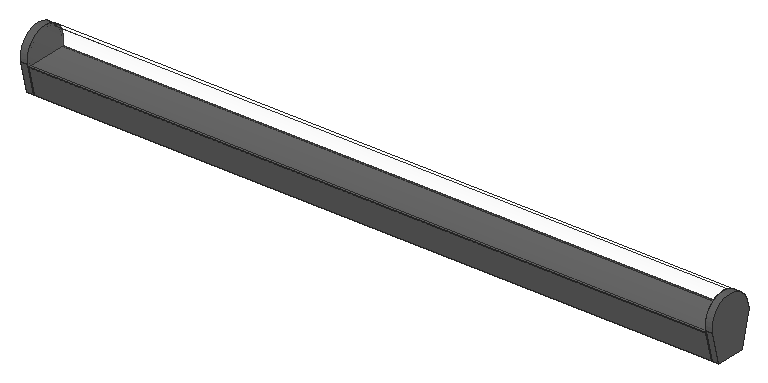
Revit family "67L-S-Dome", category Lighting Fixtures, host Face, Revit 2021
Family settings
  Host = Face
  Round Connector Dimension = Use Diameter
  Part Type = Normal
  OmniClass Number = 23.80.70.11
  OmniClass Title = Luminaries for Internal Lighting
  Cut with Voids When Loaded = No
  Light Source = Yes
  Shared = Yes
  Room Calculation Point = No
Parameters (values of type "Note 67L-Carbon Black")
  Width = 48.000"
  Watts = 4.5 W
  Wattage Comments = "550 to 1800 lumens/ft"  # constant formula
  Wattage = 4.5 W
  built-in parameter 1150110 = 1 (stored number, unit not read)
  Voltage = 120 V
  URL = "https://www.currentlighting.com/litecontrol"
  Type Comments = "Lighting Fixture"  # constant formula
  built-in parameter 1114217 = 1 (stored number, unit not read)
  Tilt Angle = -90.00°
  built-in parameter 1150109 = 1 (stored number, unit not read)
  built-in parameter 1150134 = (empty or 0)
  built-in parameter 1150113 = 1 (stored number, unit not read)
  Reflector Finish = White Glass
  Product Page URL = ""
  Product Material = Paint -  Carbon Black
  Product Documentation Link = ""
  Power Factor = 1
  Photometric Web File = "67L-S-D-4-4-BL-C1-35K-D055.IES"
  Photometric Notes = "Photometric web files Download in below link"  # constant formula
  Model = "67L-S-Dome"  # constant formula
  Manufacturer = "Litecontrol"  # constant formula
  built-in parameter 1150105 = 43.33 (stored number, unit not read)
  Lumens = 544.5 lm
  built-in parameter 1150115 = 1 (stored number, unit not read)
  Load Classification = Lighting
  built-in parameter 1150137 = (empty or 0)
  built-in parameter 1150139 = (empty or 0)
  built-in parameter 1150112 = 1 (stored number, unit not read)
  built-in parameter 1150114 = 1 (stored number, unit not read)
  Lamp = "LED"  # constant formula
  built-in parameter 1150132 = (empty or 0)
  built-in parameter 1150102 = (empty or 0)
  built-in parameter 1150107 = 3500 (stored number, unit not read)
  built-in parameter 1150138 = (empty or 0)
  built-in parameter 1150106 = 0.4333 (stored number, unit not read)
  Frequency = 60 Hz  # constant formula
  Emit from Rectangle Width = 2.000"
  Emit from Rectangle Length = (Width - 1.000")  # 47.000"
  Emit Shape Visible in Rendering = no
  built-in parameter 1150104 = 11.241 (stored number, unit not read)
  Dimming Lamp Color Temperature Shift = <None>
  Description = "The NOTE 67L Surface brings direct illumination, performance and versatility, all within a slim profile and a fresh, contemporary style"  # constant formula
  Default Elevation = 48.000"
  Contact Us = ""
  Color Filter = 16777215
  built-in parameter 1114218 = 1 (stored number, unit not read)
  built-in parameter 1150133 = 10 (stored number, unit not read)
  Assembly Code = "D5020200"
  Apparent Load = 0 VA
Types (7): name | Product Material
  (no name) | Paint -  Carbon Black
  Note 67L-Textured Matte White | Paint - Textured Matte White
  Note 67L-Matte White | Paint -  Matte White
  Note 67L-Light Silver | Paint -Light Silver
  Note 67L-Machined Aluminium | Paint -  Machined Aluminum
  Note 67L-Carbon Black | Paint -  Carbon Black
  Note 67L-Textured Camera Black | Paint - Textured Camera Black
Reference planes (in)
  plane 1 "Center (Front/Back)": y = 0
  plane 2: z = 0
  plane 3 "Center (Left/Right)": x = 0
  plane 4: z = 2.5
Dimensions and locks (in)
  plane 4 to host face = 2.500"
  aligned and locked: plane 2 to host face
  aligned and locked: level to host face
  aligned and locked: imposter light to plane 4
  aligned and locked: plane 3 "Center (Left/Right)" to nested 1
  aligned and locked: plane 1 "Center (Front/Back)" to nested 1
Nested families (in)
  nested 1: "Dome" at (2.04767, -0.03999, 0), Row Length <- "Width", Glass <- "Reflector Finish", Backbox <- "Product Material", type "Dome"
    with Row Length 48.000", Glass White Glass, Backbox Paint -  Carbon Black
Connectors (in)
  electrical at (0, 0.00195, 0), driven by "Load Classification", driven by "Voltage", driven by "Apparent Load", driven by "Power Factor"
    settings: on nested 1, index 1, voltage 120 V, apparent load 0 VA, apparent load phase1 0 VA, apparent load phase2 0 VA, apparent load phase3 0 VA, power factor 1, load classification "Lighting", number of poles 1, system type 30, power factor state 1, is connector primary yes, connector utility no, sub classification motor no, connector description "Lighting Connector"
Definition of nested family "Dome"
  Parameters
    Wattage Comments = ""
    URL = ""
    Row Length [instance] = 24.000"
    Product Page URL = ""
    Product Documentation Link = ""
    Model = ""
    Manufacturer Phone = ""
    Manufacturer Fax = ""
    Manufacturer = ""
    Lamp = ""
    Glass [instance] = none
    Description = ""
    Default Elevation = 48.000"
    Backbox [instance] = none
  Reference planes (in)
    plane 1 "Center (Front/Back)": y = 0.03999
    plane 2: z = 0
    plane 3 "Center (Left/Right)": x = -2.04767
    plane 4: x = -14.04767
    plane 5: x = 9.95233
    plane 6: x = -13.54767
    plane 7: x = 9.45233
    plane 8: z = 3.875
    plane 9: y = -1.46001
    plane 10: y = 1.53999
    plane 11: y = 1.03999
    plane 12: y = -0.96001
    plane 13: z = 1.98438
  Forms (in)
    Extrusion 1, solid
      sketch origin (0, 0, 0.06357) x (1, 0, 0) y (0, 1, 0)
        loop
          line (-48, 48) -> (-48, -48) -> (48, -48) -> (48, 48) -> (-48, 48)
      from -0.06357 to -6.47428
    Extrusion 2, solid, material <- "Backbox"
      sketch origin (-2.04767, 0, 0) x (0, 1, 0) y (0, 0, 1)
        loop
          line (-0.96001, 0) -> (1.0439, 0) -> (1.53999, 1.98437)
          arc (1.53999, 1.98437) -> (0.09412, 3.90459) -> (-1.48257, 2.09025) r 1.54616
          line (-1.48257, 2.09025) -> (-0.96001, 0)
      from 11.5 to 12
    Extrusion 3, solid, material <- "Backbox"
      sketch origin (-2.04767, 0, 0) x (0, 1, 0) y (0, 0, 1)
        loop
          line (-0.96001, 0) -> (1.0439, 0) -> (1.53999, 1.98437)
          arc (1.53999, 1.98437) -> (0.09412, 3.90459) -> (-1.48257, 2.09025) r 1.54616
          line (-1.48257, 2.09025) -> (-0.96001, 0)
      from -11.5 to -12
    Extrusion 4, solid, material <- "Glass"
      sketch origin (-2.04767, 0, 0) x (0, 1, 0) y (0, 0, 1)
        loop
          arc (1.53999, 1.98437) -> (0.03999, 3.90554) -> (-1.46001, 1.98437) r 1.54616
          line (-1.46001, 1.98437) -> (-1.33081, 1.98437)
          arc (-1.33081, 1.98437) -> (0.03999, 3.78054) -> (1.41079, 1.98437) r 1.42116
          line (1.41079, 1.98437) -> (1.53999, 1.98437)
      from -11.5 to 11.5
    Extrusion 5, solid, material <- "Backbox"
      sketch origin (-2.04767, 0, 0) x (0, 1, 0) y (0, 0, 1)
        loop
          line (-0.96001, 0) -> (1.0439, 0) -> (1.53999, 1.98437) -> (-1.4561, 1.98437) -> (-0.96001, 0)
      from -11.5 to 11.5
  Dimensions and locks (in)
    equal spacing: plane 5, plane 3 "Center (Left/Right)", plane 4
    plane 6 to plane 4 = 0.500"
    "Row Length": plane 5 to plane 4
    equal spacing: plane 7, plane 3 "Center (Left/Right)", plane 6
    locked: plane 8 to Extrusion 1 at 3.875
    locked: plane 1 "Center (Front/Back)" to plane 9 at 1.5
    locked: plane 13 to Extrusion 1 at 1.98438
    locked: plane 10 to plane 9 at 3
    locked: plane 11 to plane 12 at 2
    aligned and locked: plane 2 to Extrusion 1
    aligned and locked: level to Extrusion 1
    aligned and locked: plane 5 to Extrusion 2
    aligned and locked: Extrusion 2 to plane 7
    aligned and locked: plane 7 to Extrusion 5
    aligned and locked: Extrusion 5 to plane 6
    aligned and locked: Extrusion 3 to plane 4
    aligned and locked: plane 6 to Extrusion 3
    aligned and locked: Extrusion 5 sketch curve to level
    aligned and locked: Extrusion 5 to Extrusion 3 sketch curve
    aligned and locked: Extrusion 2 sketch curve to Extrusion 3  (x4)
    aligned and locked: Extrusion 4 to plane 6
    aligned and locked: plane 7 to Extrusion 4
    aligned and locked: plane 13 to Extrusion 5
    aligned and locked: Extrusion 4 sketch curve to Extrusion 3
  Automatic sketch dimensions
    Extrusion 1 sketch curve to Extrusion 1 sketch curve = 96.000"  (x2)
    plane 9 to Extrusion 3 sketch curve = 0.02256"
    Extrusion 3 sketch curve to plane 12 = 0.000"
    Extrusion 3 sketch curve to plane 1 "Center (Front/Back)" = 0.000"
    plane 11 to Extrusion 3 sketch curve = 0.00391"
    Extrusion 3 sketch curve to plane 10 = 0.000"
    level to Extrusion 3 sketch curve = 2.09025"
    Extrusion 2 sketch curve to plane 10 = 0.000"
    Extrusion 5 sketch curve to plane 12 = 0.000"
    Extrusion 5 sketch curve to plane 10 = 0.000"
    Extrusion 5 sketch curve to plane 9 = 0.00391"
    plane 11 to Extrusion 5 sketch curve = 0.00391"
    level to Extrusion 3 sketch curve = 1.98437"
    Extrusion 5 sketch curve to plane 8 = 1.89062"
    Extrusion 4 sketch curve to Extrusion 4 sketch curve = 0.000"  (x2)
    plane 9 to Extrusion 4 sketch curve = 0.000"
    Extrusion 4 sketch curve to Extrusion 4 sketch curve = 0.1292"
    plane 13 to Extrusion 4 sketch curve = 0.000"
